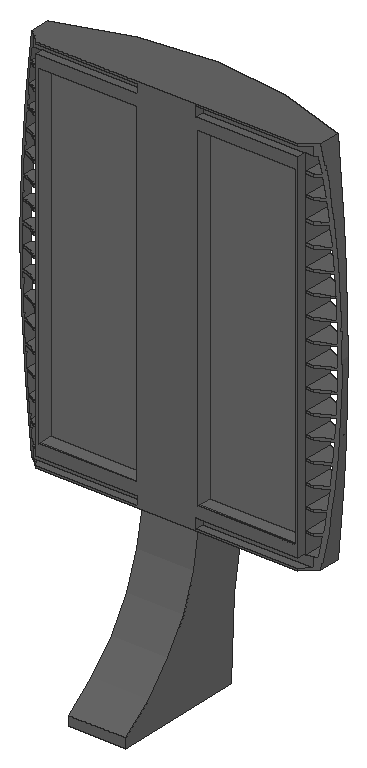
Revit family "Matrix MAA-Upswept Arm", category Lighting Fixtures, host Face, Revit 2021
Family settings
  Host = Face
  Round Connector Dimension = Use Diameter
  Part Type = Normal
  OmniClass Number = 23.80.70.14.14
  OmniClass Title = Exterior Floodlights
  Cut with Voids When Loaded = No
  Light Source = Yes
  Shared = No
  Room Calculation Point = No
Parameters (values of type "MAA-BL")
  Watts = 325 W  # constant formula
  Wattage Comments = "260W to 555W"  # constant formula
  Wattage = 325 W
  built-in parameter 1150110 = 1 (stored number, unit not read)
  Voltage = 120 V
  URL = "https://www.currentlighting.com/beacon"
  built-in parameter 1114217 = 1 (stored number, unit not read)
  Tilt Angle = 90.00°  # constant formula
  built-in parameter 1150109 = 1 (stored number, unit not read)
  built-in parameter 1150134 = 12
  built-in parameter 1150113 = 1 (stored number, unit not read)
  Product Page URL = ""
  Product Material = Black
  Product Documentation Link = ""
  Power Factor = 1
  Photometric Web File = "MA-A-64L-325-4K7-5R-U.ies"
  Model = "Matrix MAA-Upswept Arm"  # constant formula
  Manufacturer = "Beacon Products"  # constant formula
  built-in parameter 1150105 = 2944.5 (stored number, unit not read)
  Lumens = 37001.2 lm
  built-in parameter 1150115 = 1 (stored number, unit not read)
  Load Classification = Lighting
  built-in parameter 1150137 = (empty or 0)
  built-in parameter 1150139 = (empty or 0)
  built-in parameter 1150112 = 1 (stored number, unit not read)
  built-in parameter 1150114 = 1 (stored number, unit not read)
  Lamp = "LED"  # constant formula
  LED Engine = "64L-325W, 37,000 lm"  # constant formula
  built-in parameter 1150132 = (empty or 0)
  built-in parameter 1150102 = (empty or 0)
  built-in parameter 1150107 = 4000 (stored number, unit not read)
  built-in parameter 1150138 = (empty or 0)
  built-in parameter 1150106 = 29.445 (stored number, unit not read)
  Glass = White Glass
  Emit from Rectangle Width = 26.000"  # constant formula
  Emit from Rectangle Length = 20.000"  # constant formula
  Emit Shape Visible in Rendering = no
  built-in parameter 1150104 = 10.577 (stored number, unit not read)
  Distribution = "5R - Type 5 Rectangular"  # constant formula
  Dimming Lamp Color Temperature Shift = <None>
  Description = "Matrix area combines superior luminaire design with excellent versatility, performance and value in four mounting options"  # constant formula
  Default Elevation = 48.000"
  Color Filter = 16777215
  CCT = "4K7 - 4000K, 70 CRI"  # constant formula
  built-in parameter 1114218 = 1 (stored number, unit not read)
  built-in parameter 1150133 = 10 (stored number, unit not read)
  Assembly Code = "D5020280"
  Apparent Load = Watts / Power Factor  # 325 VA
Types (8): name | Product Material
  (no name) | Black
  MAA-DB | Dark Bronze
  MAA-BL | Black
  MAA-WH | White
  MAA-PS | Platinum
  MAA-GYS | Light Grey
  MAA-GT | Graphite
  MAA-TT | Titanium
Reference planes (in)
  plane 1 "Center (Front/Back)": y = 0
  plane 2: z = 0
  plane 3 "Center (Left/Right)": x = 0
  plane 4: z = 12.2
  plane 5: z = 41.9
  plane 6: y = 5.85
  plane 7: y = -5.85
  plane 8: x = -2.2
  plane 9: x = 2.2
Forms (in)
  Extrusion 1, solid, material "Black" <- "Product Material"
    sketch origin (0, 0, 0) x (0, 1, 0) y (0, 0, 1)
      loop
        line (-5.85, 0) -> (4.43594, 0)
        arc (4.43594, 0) -> (4.6801, 6.14172) -> (5.71821, 12.2) r 47.32487
        line (5.71821, 12.2) -> (1.30475, 12.2)
        arc (1.30475, 12.2) -> (-0.90218, 5.61865) -> (-5.85, 0.75) r 14.90869
        line (-5.85, 0.75) -> (-5.85, 0)
    from -2.2 to 2.2
Dimensions and locks (in)
  locked: plane 4 to plane 2 at 12.2
  locked: plane 5 to plane 2 at 41.9
  equal spacing: plane 6, plane 1 "Center (Front/Back)", plane 7
  locked: plane 6 to plane 7 at 11.7
  equal spacing: plane 9, plane 3 "Center (Left/Right)", plane 8
  aligned and locked: plane 2 to host face
  aligned and locked: level to host face
  aligned and locked: plane 3 "Center (Left/Right)" to nested 1
  aligned and locked: imposter light to plane 3 "Center (Left/Right)"
  aligned and locked: Extrusion 1 sketch curve to plane 2
  aligned and locked: Extrusion 1 sketch curve to plane 7
  aligned and locked: Extrusion 1 sketch curve to plane 4
  aligned and locked: Extrusion 1 to plane 8
  aligned and locked: Extrusion 1 to plane 9
  aligned and locked: nested 1 to plane 6
  aligned and locked: imposter light to nested 1
Automatic sketch dimensions
  host sketch curve to host sketch curve = 96.000"  (x2)
  level to Extrusion 1 sketch curve = 0.750"
  plane 6 to Extrusion 1 sketch curve = 1.41406"
  plane 6 to Extrusion 1 sketch curve = 0.13179"
  plane 4 to Extrusion 1 sketch curve = 1.31905"
  Extrusion 1 sketch curve to plane 1 "Center (Front/Back)" = 1.30475"
  level to Extrusion 1 sketch curve = 1.19493"
Nested families (in)
  nested 1: "Matrix" at (0, 3.4, 12.2), Material Finish <- "Product Material", Glass <- "Glass", type "MAF"
    with Material Finish Black, Glass White Glass
Connectors (in)
  electrical at (0, -0.70703, 0), driven by "Load Classification", driven by "Voltage", driven by "Apparent Load", driven by "Power Factor"
    settings: on Extrusion 1, index 1, voltage 120 V, apparent load 325 VA, apparent load phase1 0 VA, apparent load phase2 0 VA, apparent load phase3 0 VA, power factor 1, load classification "Lighting", number of poles 1, system type 30, power factor state 1, is connector primary yes, connector utility no, sub classification motor no, connector description "Lighting Connector"
Definition of nested family "Matrix"
  Parameters
    Wattage Comments = ""
    URL = ""
    Product Page URL = ""
    Product Documentation Link = ""
    Model = ""
    Material Finish [instance] = none
    Manufacturer = ""
    Lamp = ""
    Glass [instance] = none
    Description = ""
    Default Elevation = 48.000"
    Apparent Load = 0 VA
  Reference planes (in)
    plane 1 "Center (Front/Back)": y = 0
    plane 2: z = 0
    plane 3 "Center (Left/Right)": x = 0
    plane 4: y = -2.45
    plane 5: y = 2.45
    plane 6: z = 29.7
    plane 7: x = -12.5
    plane 8: x = 12.5
    plane 9: x = -13.09963
    plane 10: y = 3.95
    plane 11: x = 13.09963
  Forms (in)
    Extrusion 1, solid
      sketch origin (0, 0, 0) x (1, 0, 0) y (0, 1, 0)
        loop
          line (-48, 48) -> (-48, -48) -> (48, -48) -> (48, 48) -> (-48, 48)
      from 0 to -12
    Extrusion 2, solid, material <- "Material Finish"
      sketch origin (0, 0, 0) x (1, 0, 0) y (0, 0, 1)
        loop
          arc (-11.25, 29.7) -> (-12.50329, 14.85) -> (-11.25, 0) r 88.6042
          line (-11.25, 0) -> (11.25, 0)
          arc (11.25, 0) -> (12.5, 14.85) -> (11.25, 29.7) r 88.834
          line (11.25, 29.7) -> (-11.25, 29.7)
      from 2.45 to -2.45
    Extrusion 3, void
      sketch origin (0, 0, 0) x (1, 0, 0) y (0, 1, 0)
        loop
          line (13.09963, 3.95) -> (-13.09963, 3.95) -> (-13.09963, -0.83727)
          arc (-13.09963, -0.83727) -> (0.00051, 2.44699) -> (13.09963, -0.84133) r 27.75166
          line (13.09963, -0.84133) -> (13.09963, 3.95)
      from 33.11231 to -3.44037
    Extrusion 4, void
      sketch origin (0, 0, 0) x (1, 0, 0) y (0, 0, 1)
        loop
          arc (-11.14439, 29.575) -> (-12.37829, 14.85) -> (-11.14439, 0.125) r 88.4792
          line (-11.14439, 0.125) -> (-2.25, 0.125) -> (-2.25, 0.875) -> (-10.17345, 0.875) -> (-10.17345, 28.825) -> (-2.25, 28.825) -> (-2.25, 29.575) -> (-11.14439, 29.575)
      from 2.45 to 1.78807
    Extrusion 5, void
      sketch origin (0, 0, 0) x (1, 0, 0) y (0, 0, 1)
        loop
          line (-10, 27.95) -> (-10, 1.75) -> (-2.375, 1.75) -> (-2.375, 27.95) -> (-10, 27.95)
        loop
          line (10, 27.95) -> (2.375, 27.95) -> (2.375, 1.75) -> (10, 1.75) -> (10, 27.95)
      from 2.45 to 1.25125
    Extrusion 6, solid, material <- "Glass"
      sketch origin (0, 0, 0) x (1, 0, 0) y (0, 0, 1)
        loop
          line (-10, 27.95) -> (-10, 1.75) -> (-2.375, 1.75) -> (-2.375, 27.95) -> (-10, 27.95)
      from 2.40755 to 2.32559
    Extrusion 7, void
      sketch origin (0, 0, 0) x (1, 0, 0) y (0, 0, 1)
        loop
          line (-10.29845, 0.88042) -> (-10.29845, 2.40161) -> (-11.37128, 2.40161)
          arc (-11.37128, 2.40161) -> (-11.25949, 1.64052) -> (-11.14107, 0.88042) r 88.35391
          line (-11.14107, 0.88042) -> (-10.29845, 0.88042)
        loop
          arc (-11.14096, 28.82208) -> (-11.23811, 28.20164) -> (-11.33084, 27.58052) r 88.35398
          line (-11.33084, 27.58052) -> (-10.29845, 27.58052) -> (-10.29845, 28.82208) -> (-11.14096, 28.82208)
        loop
          line (-10.29845, 2.54409) -> (-10.29845, 4.04409) -> (-11.58882, 4.04409)
          arc (-11.58882, 4.04409) -> (-11.49332, 3.29367) -> (-11.39139, 2.54409) r 88.35402
          line (-11.39139, 2.54409) -> (-10.29845, 2.54409)
        loop
          line (-10.29845, 4.2029) -> (-10.29845, 5.71319) -> (-11.7797, 5.71319)
          arc (-11.7797, 5.71319) -> (-11.69791, 4.95768) -> (-11.60961, 4.2029) r 88.35431
          line (-11.60961, 4.2029) -> (-10.29845, 4.2029)
        loop
          line (-10.29845, 5.88228) -> (-10.29845, 7.38228) -> (-11.93722, 7.38228)
          arc (-11.93722, 7.38228) -> (-11.87037, 6.63199) -> (-11.79712, 5.88228) r 88.35426
          line (-11.79712, 5.88228) -> (-10.29845, 5.88228)
        loop
          line (-10.29845, 7.55138) -> (-10.29845, 9.05138) -> (-12.06288, 9.05138)
          arc (-12.06288, 9.05138) -> (-12.01033, 8.30114) -> (-11.9514, 7.55138) r 88.35424
          line (-11.9514, 7.55138) -> (-10.29845, 7.55138)
        loop
          line (-10.29845, 9.22047) -> (-10.29845, 10.72047) -> (-12.15681, 10.72047)
          arc (-12.15681, 10.72047) -> (-12.11851, 9.9703) -> (-12.07384, 9.22047) r 88.35424
          line (-12.07384, 9.22047) -> (-10.29845, 9.22047)
        loop
          line (-10.29845, 10.88957) -> (-10.29845, 12.38957) -> (-12.2191, 12.38957)
          arc (-12.2191, 12.38957) -> (-12.19501, 11.63945) -> (-12.16456, 10.88957) r 88.35424
          line (-12.16456, 10.88957) -> (-10.29845, 10.88957)
        loop
          line (-10.29845, 12.56308) -> (-10.29845, 14.08077) -> (-12.25042, 14.08077)
          arc (-12.25042, 14.08077) -> (-12.24048, 13.32187) -> (-12.22402, 12.56308) r 88.35448
          line (-12.22402, 12.56308) -> (-10.29845, 12.56308)
        loop
          line (-10.29845, 14.22776) -> (-10.29845, 15.72776) -> (-12.24893, 15.72776)
          arc (-12.24893, 15.72776) -> (-12.25342, 14.97776) -> (-12.25154, 14.22776) r 88.35453
          line (-12.25154, 14.22776) -> (-10.29845, 14.22776)
        loop
          line (-10.29845, 15.89685) -> (-10.29845, 17.39685) -> (-12.21642, 17.39685)
          arc (-12.21642, 17.39685) -> (-12.23492, 16.64692) -> (-12.24706, 15.89685) r 88.35421
          line (-12.24706, 15.89685) -> (-10.29845, 15.89685)
        loop
          line (-10.29845, 17.56595) -> (-10.29845, 19.06595) -> (-12.15246, 19.06595)
          arc (-12.15246, 19.06595) -> (-12.1851, 18.31607) -> (-12.21138, 17.56595) r 88.35413
          line (-12.21138, 17.56595) -> (-10.29845, 17.56595)
        loop
          line (-10.29845, 19.23504) -> (-10.29845, 20.73504) -> (-12.05688, 20.73504)
          arc (-12.05688, 20.73504) -> (-12.10373, 19.98523) -> (-12.14421, 19.23504) r 88.35411
          line (-12.14421, 19.23504) -> (-10.29845, 19.23504)
        loop
          line (-10.29845, 20.90414) -> (-10.29845, 22.40414) -> (-11.92956, 22.40414)
          arc (-11.92956, 22.40414) -> (-11.99069, 21.65439) -> (-12.04543, 20.90414) r 88.3541
          line (-12.04543, 20.90414) -> (-10.29845, 20.90414)
        loop
          line (-10.29845, 22.57323) -> (-10.29845, 24.07323) -> (-11.77036, 24.07323)
          arc (-11.77036, 24.07323) -> (-11.84582, 23.32354) -> (-11.91489, 22.57323) r 88.3541
          line (-11.91489, 22.57323) -> (-10.29845, 22.57323)
        loop
          line (-10.29845, 24.24626) -> (-10.29845, 25.76194) -> (-11.57684, 25.76194)
          arc (-11.57684, 25.76194) -> (-11.66772, 25.00448) -> (-11.75206, 24.24626) r 88.35421
          line (-11.75206, 24.24626) -> (-10.29845, 24.24626)
        loop
          line (-10.29845, 25.91142) -> (-10.29845, 27.41142) -> (-11.35532, 27.41142)
          arc (-11.35532, 27.41142) -> (-11.4599, 26.66186) -> (-11.55806, 25.91142) r 88.35426
          line (-11.55806, 25.91142) -> (-10.29845, 25.91142)
        loop
          line (10.29845, 0.88042) -> (11.14107, 0.88042)
          arc (11.14107, 0.88042) -> (11.25949, 1.64052) -> (11.37128, 2.40161) r 88.35391
          line (11.37128, 2.40161) -> (10.29845, 2.40161) -> (10.29845, 0.88042)
        loop
          line (11.14096, 28.82208) -> (10.29845, 28.82208) -> (10.29845, 27.58052) -> (11.33084, 27.58052)
          arc (11.33084, 27.58052) -> (11.23811, 28.20164) -> (11.14096, 28.82208) r 88.35398
        loop
          line (10.29845, 2.54409) -> (11.39139, 2.54409)
          arc (11.39139, 2.54409) -> (11.49332, 3.29367) -> (11.58882, 4.04409) r 88.35402
          line (11.58882, 4.04409) -> (10.29845, 4.04409) -> (10.29845, 2.54409)
        loop
          line (10.29845, 4.2029) -> (11.60961, 4.2029)
          arc (11.60961, 4.2029) -> (11.69791, 4.95768) -> (11.7797, 5.71319) r 88.35431
          line (11.7797, 5.71319) -> (10.29845, 5.71319) -> (10.29845, 4.2029)
        loop
          line (10.29845, 5.88228) -> (11.79712, 5.88228)
          arc (11.79712, 5.88228) -> (11.87037, 6.63199) -> (11.93722, 7.38228) r 88.35426
          line (11.93722, 7.38228) -> (10.29845, 7.38228) -> (10.29845, 5.88228)
        loop
          line (10.29845, 7.55138) -> (11.9514, 7.55138)
          arc (11.9514, 7.55138) -> (12.01033, 8.30114) -> (12.06288, 9.05138) r 88.35424
          line (12.06288, 9.05138) -> (10.29845, 9.05138) -> (10.29845, 7.55138)
        loop
          line (10.29845, 9.22047) -> (12.07384, 9.22047)
          arc (12.07384, 9.22047) -> (12.11851, 9.9703) -> (12.15681, 10.72047) r 88.35424
          line (12.15681, 10.72047) -> (10.29845, 10.72047) -> (10.29845, 9.22047)
        loop
          line (10.29845, 10.88957) -> (12.16456, 10.88957)
          arc (12.16456, 10.88957) -> (12.19501, 11.63945) -> (12.2191, 12.38957) r 88.35424
          line (12.2191, 12.38957) -> (10.29845, 12.38957) -> (10.29845, 10.88957)
        loop
          line (10.29845, 12.56308) -> (12.22402, 12.56308)
          arc (12.22402, 12.56308) -> (12.24048, 13.32187) -> (12.25042, 14.08077) r 88.35448
          line (12.25042, 14.08077) -> (10.29845, 14.08077) -> (10.29845, 12.56308)
        loop
          line (10.29845, 14.22776) -> (12.25154, 14.22776)
          arc (12.25154, 14.22776) -> (12.25342, 14.97776) -> (12.24893, 15.72776) r 88.35453
          line (12.24893, 15.72776) -> (10.29845, 15.72776) -> (10.29845, 14.22776)
        loop
          line (10.29845, 15.89685) -> (12.24706, 15.89685)
          arc (12.24706, 15.89685) -> (12.23492, 16.64692) -> (12.21642, 17.39685) r 88.35421
          line (12.21642, 17.39685) -> (10.29845, 17.39685) -> (10.29845, 15.89685)
        loop
          line (10.29845, 17.56595) -> (12.21138, 17.56595)
          arc (12.21138, 17.56595) -> (12.1851, 18.31607) -> (12.15246, 19.06595) r 88.35413
          line (12.15246, 19.06595) -> (10.29845, 19.06595) -> (10.29845, 17.56595)
        loop
          line (10.29845, 19.23504) -> (12.14421, 19.23504)
          arc (12.14421, 19.23504) -> (12.10373, 19.98523) -> (12.05688, 20.73504) r 88.35411
          line (12.05688, 20.73504) -> (10.29845, 20.73504) -> (10.29845, 19.23504)
        loop
          line (10.29845, 20.90414) -> (12.04543, 20.90414)
          arc (12.04543, 20.90414) -> (11.99069, 21.65439) -> (11.92956, 22.40414) r 88.3541
          line (11.92956, 22.40414) -> (10.29845, 22.40414) -> (10.29845, 20.90414)
        loop
          line (10.29845, 22.57323) -> (11.91489, 22.57323)
          arc (11.91489, 22.57323) -> (11.84582, 23.32354) -> (11.77036, 24.07323) r 88.3541
          line (11.77036, 24.07323) -> (10.29845, 24.07323) -> (10.29845, 22.57323)
        loop
          line (10.29845, 24.24626) -> (11.75206, 24.24626)
          arc (11.75206, 24.24626) -> (11.66772, 25.00448) -> (11.57684, 25.76194) r 88.35421
          line (11.57684, 25.76194) -> (10.29845, 25.76194) -> (10.29845, 24.24626)
        loop
          line (10.29845, 25.91142) -> (11.55806, 25.91142)
          arc (11.55806, 25.91142) -> (11.4599, 26.66186) -> (11.35532, 27.41142) r 88.35426
          line (11.35532, 27.41142) -> (10.29845, 27.41142) -> (10.29845, 25.91142)
      from 2.45 to -2.45
    Extrusion 8, void
      sketch origin (0, 0, 0) x (-1, 0, 0) y (0, 0, -1)
        loop
          line (-11.14439, -29.575) -> (-2.25, -29.575) -> (-2.25, -28.825) -> (-10.17345, -28.825) -> (-10.17345, -0.875) -> (-2.25, -0.875) -> (-2.25, -0.125) -> (-11.14439, -0.125)
          arc (-11.14439, -0.125) -> (-12.37829, -14.85) -> (-11.14439, -29.575) r 88.4792
      from 2.45 to 1.78807
    Extrusion 9, void
      sketch origin (0, 0, 0) x (1, 0, 0) y (0, 1, 0)
        loop
          line (-12.50329, -2.45) -> (-10.18202, -2.45)
          arc (-10.18202, -2.45) -> (-11.22194, -1.56959) -> (-12.50329, -1.10625) r 3.8525
          line (-12.50329, -1.10625) -> (-12.50329, -2.45)
      from 29.7 to 0
    Extrusion 10, void
      sketch origin (0, 0, 0) x (-1, 0, 0) y (0, -1, 0)
        loop
          line (-12.50329, 2.45) -> (-12.50329, 1.10625)
          arc (-12.50329, 1.10625) -> (-11.22194, 1.56959) -> (-10.18202, 2.45) r 3.8525
          line (-10.18202, 2.45) -> (-12.50329, 2.45)
      from 29.7 to 0
    Extrusion 11, solid, material <- "Glass"
      sketch origin (0, 0, 0) x (-1, 0, 0) y (0, 0, -1)
        loop
          line (-10, -27.95) -> (-2.375, -27.95) -> (-2.375, -1.75) -> (-10, -1.75) -> (-10, -27.95)
      from 2.40755 to 2.32559
  Cuts and joins
    Extrusion 3, Extrusion 4, Extrusion 5, Extrusion 7, Extrusion 8, Extrusion 9, Extrusion 10 cuts Extrusion 2
  Lines and regions (in)
    reference lines
      curve 1: line (-5.55547, 0, 5.53932) -> (10.19453, 0, 5.53932)
      curve 2: line (7.29478, 0, 7.53677) -> (-0.62911, 0, -2.76915)
  Dimensions and locks (in)
    equal spacing: plane 8, plane 3 "Center (Left/Right)", plane 7
    equal spacing: plane 5, plane 1 "Center (Front/Back)", plane 4
    plane 8 to plane 7 = 25.000"
    plane 6 to plane 2 = 29.700"
    locked: plane 5 to plane 4 at 4.9
    aligned and locked: plane 2 to Extrusion 1
    aligned and locked: level to Extrusion 1
    aligned and locked: Extrusion 2 sketch curve to plane 6
    aligned and locked: plane 2 to Extrusion 2 sketch curve
    aligned and locked: plane 4 to Extrusion 2
    aligned and locked: plane 5 to Extrusion 2
    aligned and locked: plane 10 to Extrusion 3 sketch curve
    aligned and locked: plane 11 to Extrusion 3 sketch curve
  Automatic sketch dimensions
    Extrusion 1 sketch curve to Extrusion 1 sketch curve = 96.000"  (x2)
    curve 1 to plane 3 "Center (Left/Right)" = 5.55547"
    curve 2 to plane 3 "Center (Left/Right)" = 0.62911"
    plane 8 to curve 2 = 5.20522"
    plane 8 to curve 1 = 2.30547"
    curve 2 to level = 2.76915"
    level to curve 1 = 5.53932"
    curve 1 to curve 2 = 1.99745"
    plane 7 to Extrusion 2 sketch curve = 1.250"  (x2)
    plane 8 to Extrusion 2 sketch curve = 1.250"
    plane 3 "Center (Left/Right)" to Extrusion 2 sketch curve = 11.250"
    Extrusion 2 sketch curve to plane 7 = 63.834"
    Extrusion 2 sketch curve to plane 8 = 63.60091"
    Extrusion 3 sketch curve to plane 9 = 0.000"
    plane 1 "Center (Front/Back)" to Extrusion 3 sketch curve = 0.84133"
    Extrusion 3 sketch curve to plane 3 "Center (Left/Right)" = 0.0038"
    plane 1 "Center (Front/Back)" to Extrusion 3 sketch curve = 0.83727"
    level to Extrusion 4 sketch curve = 0.125"
    plane 7 to Extrusion 4 sketch curve = 1.35561"
    level to Extrusion 4 sketch curve = 0.875"
    Extrusion 4 sketch curve to plane 6 = 0.125"
    Extrusion 4 sketch curve to plane 3 "Center (Left/Right)" = 11.14439"
    Extrusion 4 sketch curve to Extrusion 4 sketch curve = 0.97094"
    Extrusion 4 sketch curve to plane 6 = 0.875"
    Extrusion 4 sketch curve to plane 3 "Center (Left/Right)" = 2.250"  (x2)
    Extrusion 4 sketch curve to plane 8 = 63.60091"
    plane 7 to Extrusion 5 sketch curve = 2.500"
    level to Extrusion 5 sketch curve = 1.750"  (x2)
    Extrusion 5 sketch curve to plane 3 "Center (Left/Right)" = 2.375"
    plane 3 "Center (Left/Right)" to Extrusion 5 sketch curve = 2.375"
    plane 8 to Extrusion 5 sketch curve = 2.500"
    Extrusion 5 sketch curve to plane 6 = 1.750"  (x2)
    plane 7 to Extrusion 6 sketch curve = 2.500"
    level to Extrusion 6 sketch curve = 1.750"
    Extrusion 6 sketch curve to plane 3 "Center (Left/Right)" = 2.375"
    Extrusion 6 sketch curve to plane 6 = 1.750"
    plane 7 to Extrusion 7 sketch curve = 0.24846"
    level to Extrusion 7 sketch curve = 0.88042"  (x2)
    Extrusion 7 sketch curve to Extrusion 7 sketch curve = 0.00111"  (x2)
    plane 7 to Extrusion 7 sketch curve = 0.25107"
    Extrusion 7 sketch curve to Extrusion 7 sketch curve = 0.00187"  (x2)
    plane 7 to Extrusion 7 sketch curve = 0.27598"
    Extrusion 7 sketch curve to Extrusion 7 sketch curve = 0.00492"  (x2)
    plane 7 to Extrusion 7 sketch curve = 0.28358"
    Extrusion 7 sketch curve to Extrusion 7 sketch curve = 0.00505"  (x2)
    plane 7 to Extrusion 7 sketch curve = 0.33544"
    Extrusion 7 sketch curve to Extrusion 7 sketch curve = 0.00775"  (x2)
    plane 7 to Extrusion 7 sketch curve = 0.34754"
    Extrusion 7 sketch curve to Extrusion 7 sketch curve = 0.00824"  (x2)
    plane 7 to Extrusion 7 sketch curve = 0.42616"
    Extrusion 7 sketch curve to Extrusion 7 sketch curve = 0.01096"  (x2)
    plane 7 to Extrusion 7 sketch curve = 0.44312"
    Extrusion 7 sketch curve to Extrusion 7 sketch curve = 0.01145"  (x2)
    plane 7 to Extrusion 7 sketch curve = 0.5486"
    Extrusion 7 sketch curve to Extrusion 7 sketch curve = 0.01418"  (x2)
    plane 7 to Extrusion 7 sketch curve = 0.57044"
    Extrusion 7 sketch curve to Extrusion 7 sketch curve = 0.01467"  (x2)
    plane 7 to Extrusion 7 sketch curve = 0.70288"
    Extrusion 7 sketch curve to Extrusion 7 sketch curve = 0.01741"  (x2)
    plane 7 to Extrusion 7 sketch curve = 0.72964"
    Extrusion 7 sketch curve to Extrusion 7 sketch curve = 0.01831"  (x2)
    plane 7 to Extrusion 7 sketch curve = 0.89039"
    Extrusion 7 sketch curve to Extrusion 7 sketch curve = 0.02079"  (x2)
    plane 7 to Extrusion 7 sketch curve = 0.92316"
    Extrusion 7 sketch curve to Extrusion 7 sketch curve = 0.01877"  (x2)
    plane 7 to Extrusion 7 sketch curve = 1.10861"
    Extrusion 7 sketch curve to Extrusion 7 sketch curve = 0.02011"  (x2)
    plane 7 to Extrusion 7 sketch curve = 1.14468"
    Extrusion 7 sketch curve to Extrusion 7 sketch curve = 0.02447"  (x2)
    Extrusion 7 sketch curve to Extrusion 7 sketch curve = 0.2302"
    Extrusion 7 sketch curve to plane 6 = 0.87792"
    Extrusion 7 sketch curve to Extrusion 7 sketch curve = 0.18988"
    Extrusion 7 sketch curve to Extrusion 7 sketch curve = 1.85836"
    Extrusion 7 sketch curve to Extrusion 7 sketch curve = 0.000"  (x34)
    Extrusion 7 sketch curve to Extrusion 7 sketch curve = 0.84251"  (x2)
    plane 8 to Extrusion 7 sketch curve = 2.20155"
    Extrusion 7 sketch curve to Extrusion 7 sketch curve = 0.84262"
    Extrusion 7 sketch curve to Extrusion 7 sketch curve = 1.0324"
    Extrusion 7 sketch curve to Extrusion 7 sketch curve = 1.07283"
    plane 8 to Extrusion 7 sketch curve = 0.94194"
    plane 8 to Extrusion 7 sketch curve = 0.91118"
    plane 8 to Extrusion 7 sketch curve = 0.74794"
    plane 8 to Extrusion 7 sketch curve = 0.7203"
    plane 8 to Extrusion 7 sketch curve = 0.58511"
    plane 8 to Extrusion 7 sketch curve = 0.56278"
    plane 8 to Extrusion 7 sketch curve = 0.45457"
    plane 8 to Extrusion 7 sketch curve = 0.43712"
    plane 8 to Extrusion 7 sketch curve = 0.35579"
    plane 8 to Extrusion 7 sketch curve = 0.34319"
    plane 8 to Extrusion 7 sketch curve = 0.28862"
    plane 8 to Extrusion 7 sketch curve = 0.2809"
    plane 8 to Extrusion 7 sketch curve = 0.25294"
    plane 8 to Extrusion 7 sketch curve = 0.24958"
    level to Extrusion 7 sketch curve = 14.82361"
    Extrusion 7 sketch curve to plane 7 = 63.60516"
    Extrusion 7 sketch curve to Extrusion 7 sketch curve = 0.00322"
    Extrusion 7 sketch curve to Extrusion 7 sketch curve = 0.00058"
    Extrusion 7 sketch curve to Extrusion 7 sketch curve = 0.00035"
    Extrusion 7 sketch curve to Extrusion 7 sketch curve = 0.00001"  (x2)
    Extrusion 7 sketch curve to Extrusion 7 sketch curve = 0.00002"  (x2)
    Extrusion 7 sketch curve to Extrusion 7 sketch curve = 0.00418"  (x2)
    Extrusion 7 sketch curve to Extrusion 7 sketch curve = 0.00004"  (x3)
    Extrusion 7 sketch curve to Extrusion 7 sketch curve = 0.00009"  (x2)
    Extrusion 7 sketch curve to Extrusion 7 sketch curve = 0.00012"  (x2)
    Extrusion 7 sketch curve to Extrusion 7 sketch curve = 0.00049"
    Extrusion 7 sketch curve to Extrusion 7 sketch curve = 0.00131"  (x2)
    Extrusion 7 sketch curve to Extrusion 7 sketch curve = 0.00052"  (x3)
    Extrusion 7 sketch curve to Extrusion 7 sketch curve = 0.00085"  (x2)
    Extrusion 7 sketch curve to Extrusion 7 sketch curve = 0.00281"  (x2)
    level to Extrusion 7 sketch curve = 14.8272"
    Extrusion 7 sketch curve to plane 8 = 63.59817"
    Extrusion 7 sketch curve to Extrusion 7 sketch curve = 0.00161"
    Extrusion 7 sketch curve to Extrusion 7 sketch curve = 0.00057"
    Extrusion 7 sketch curve to Extrusion 7 sketch curve = 0.00101"
    Extrusion 7 sketch curve to Extrusion 7 sketch curve = 1.52119"  (x2)
    Extrusion 7 sketch curve to Extrusion 7 sketch curve = 0.14248"  (x2)
    Extrusion 7 sketch curve to Extrusion 7 sketch curve = 1.500"  (x22)
    Extrusion 7 sketch curve to Extrusion 7 sketch curve = 0.1588"  (x2)
    Extrusion 7 sketch curve to Extrusion 7 sketch curve = 1.51029"  (x2)
    Extrusion 7 sketch curve to Extrusion 7 sketch curve = 0.16909"  (x20)
    Extrusion 7 sketch curve to Extrusion 7 sketch curve = 0.17351"  (x2)
    Extrusion 7 sketch curve to Extrusion 7 sketch curve = 1.51769"  (x2)
    Extrusion 7 sketch curve to Extrusion 7 sketch curve = 0.14699"  (x2)
    Extrusion 7 sketch curve to Extrusion 7 sketch curve = 0.17302"  (x2)
    Extrusion 7 sketch curve to Extrusion 7 sketch curve = 1.51568"  (x2)
    Extrusion 7 sketch curve to Extrusion 7 sketch curve = 0.14949"  (x2)
    Extrusion 7 sketch curve to Extrusion 7 sketch curve = 1.24156"
    Extrusion 8 sketch curve to level = 0.125"
    Extrusion 8 sketch curve to plane 8 = 1.35561"
    Extrusion 8 sketch curve to level = 0.875"
    plane 6 to Extrusion 8 sketch curve = 0.125"
    Extrusion 8 sketch curve to plane 3 "Center (Left/Right)" = 11.14439"
    Extrusion 8 sketch curve to Extrusion 8 sketch curve = 0.97094"
    plane 6 to Extrusion 8 sketch curve = 0.875"
    Extrusion 8 sketch curve to plane 3 "Center (Left/Right)" = 2.250"  (x2)
    plane 7 to Extrusion 8 sketch curve = 63.60091"
    plane 4 to Extrusion 9 sketch curve = 0.000"
    Extrusion 9 sketch curve to plane 7 = 0.00329"
    plane 1 "Center (Front/Back)" to Extrusion 9 sketch curve = 1.10625"
    plane 7 to Extrusion 9 sketch curve = 2.31798"
    Extrusion 9 sketch curve to plane 7 = 0.65203"
    plane 4 to Extrusion 10 sketch curve = 0.000"
    plane 8 to Extrusion 10 sketch curve = 0.00329"
    Extrusion 10 sketch curve to plane 1 "Center (Front/Back)" = 1.10625"
    Extrusion 10 sketch curve to plane 8 = 2.31798"
    plane 8 to Extrusion 10 sketch curve = 0.65203"
    Extrusion 11 sketch curve to plane 8 = 2.500"
    Extrusion 11 sketch curve to level = 1.750"
    Extrusion 11 sketch curve to plane 3 "Center (Left/Right)" = 2.375"
    plane 6 to Extrusion 11 sketch curve = 1.750"
